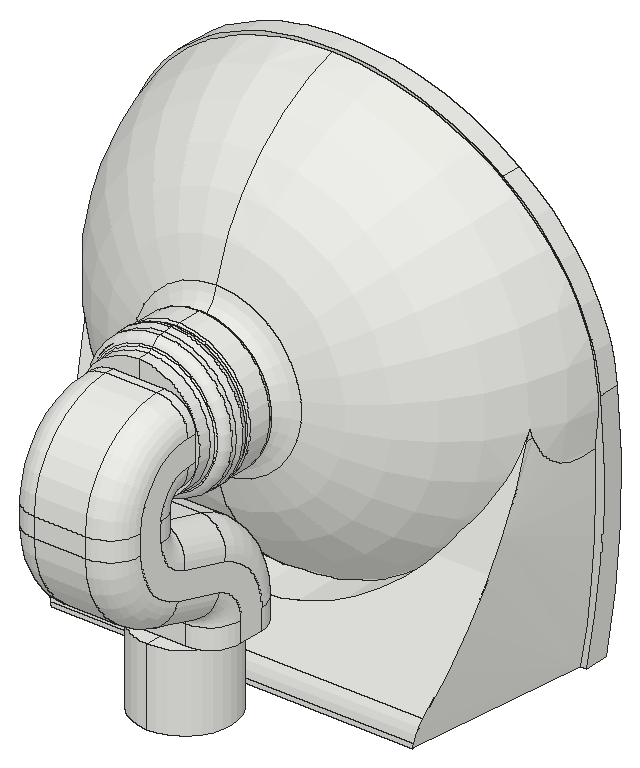
Revit family "PRD_FrankeWS_Snks_DisposalSink_SIRW511", category Plumbing Fixtures, host Face, Revit 2018
Family settings
  Host = Face
  Round Connector Dimension = Use Diameter
  Part Type = Normal
  OmniClass Number = 23.45.05.14.14.27
  OmniClass Title = Service Sinks
  Cut with Voids When Loaded = Yes
  Shared = Yes
  Room Calculation Point = No
Parameters (values of type "SIRW511")
  WasteSize = "DN 100"
  WasteHoleProjection = "270.00 mm"
  WasteHolePosition = "Center"
  WarrantyStartDate [instance] = "1900-12-31T23:59:59"
  WarrantyGuarantorParts = "n/a"
  WarrantyGuarantorLabor = "n/a"
  WarrantyDurationUnit = "year"
  WarrantyDurationParts = "n/a"
  WarrantyDurationLabor = "n/a"
  WarrantyDescription = "n/a"
  Version = "1"
  Uniclass2015Version = "Products v1.17"
  Uniclass2015Title = "Sinks"
  Uniclass2015Code = "Pr_40_20_96_81"
  URL = "www.kwc.com"
  TypeOfMounting = "Wall mounting"
  TapLedge = "No"
  TailorMade = "No"
  TagNumber [instance] = "n/a"
  SustainabilityPerformance = "n/a"
  SumpBasket = "No"
  Sump = "No"
  Splashback = "No"
  Size = "469 x 414 x 498 mm (W x H x D)"
  SinkType = "OTHER"
  Shape = "n/a"
  SerialNumber [instance] = "n/a"
  Revision = "n/a"
  ReplacementCost = "n/a"
  RearUpstand = "No"
  ProductInformation = "https://pim.kwc.com/product/2000101200/attachment/datasheet?locale=en"
  ProductCode = "207.0638.402"
  NominalWidth = 469.00 mm
  NominalHeight = 414.00 mm
  NominalDepth = 498.00 mm
  NetWeight = 23.50 kg
  Name = "Disposal sink SIRW511"
  NBSTypeID = "n/a"
  NBSReference = "45-35-70/344"
  NBSOfficeMasterTag = "n/a"
  NBSNote = "n/a"
  NBSDescription = "Sinks"
  NBSCertification = "n/a"
  MountingOffset = 0.00 mm
  Mounting = "WallHung"
  ModelReference = "SIRW511"
  ModelNumber = "2000101200"
  Model = ModelReference  # "SIRW511"
  MaterialCode = "Miranit"
  Material = "Mineral material"
  ManufacturerURL = "www.kwc.com"
  ManufacturerName = "KWC Group AG"  # constant formula
  Manufacturer = ManufacturerName  # "KWC Group AG"
  IntegralAccessories = "n/a"
  InstallationDate [instance] = "1900-12-31T23:59:59"
  IfcExportType = "SINK"
  IfcExportAs = "IfcSanitaryTerminalType"
  Grid = "Optional"
  BowlWidth = "360.00 mm"
  BowlDepth = "360.00 mm"
  GrossWeight = 24.50 kg
  Grade = "n/a"
  Finish = "Coated"
  Features = "MIRANIT resin-bonded mineral material, alpine white colour. Bowl diameter 360 mm."
  ExpectedLife = "n/a"
  DurationUnit = "year"
  DrainSize = 100.00 mm
  DiameterNominal = 90.00 mm
  Description = "Disposal sink for wall mounting made of MIRANIT resin-bonded mineral material. With pore-free, smooth surface (temperature-resistant up to 80°C). Alpine white colour. Round bowl with integrated circular flushing rim, internal horizontal water connection. Integral back panel with integrated brackets and holes for fixing. Fastening material included. Siphon made of plastic material DN 100 with horizontal outlet. With outlet grating made of nickel-chromium steel to prevent clogging."
  Default Elevation = 925.00 mm
  CreatedOn = "08/2021"  # constant formula
  Constituents = "n/a"
  Color = "alpine white"
  CodePerformance = "n/a"
  Category = "Pr_40_20_96_81, Sinks"
  SinkMaterial = PRD_AR_ResinBondedMaterial_White
  BarCode [instance] = "n/a"
  BIMObjectName = "PRD_AR_Sinks_DisposalSink_SIRW511"
  Author = "Archispace"  # constant formula
  AssetType = "Fixed"
  AssetIdentifier [instance] = "n/a"
  AccessibilityPerformance = "n/a"
Reference planes
  plane 1 "Center (Front/Back)": y = 0
  plane 2: z = 0
  plane 3 "Center (Left/Right)": x = 0
Dimensions and locks
  aligned and locked: plane 2 to host face
  aligned and locked: level to host face
  aligned and locked: level to nested 1
  aligned and locked: plane 3 "Center (Left/Right)" to nested 1
Nested families
  nested 1: "Sink" at (0, 0, 0) x (1, 0, 0) z (0, 1, 0), type "Sink"
Connectors
  piping at (0, 0, 0), diameter 90, driven by "DiameterNominal"
    settings: on nested 1, index 1, connector inside diameter 609.60 mm, connector length 0.00 mm, flow factor 0, pipe flow 0.0 L/s, pressure drop 0.0 Pa, fitting loss kfactor 0, connector angle 0.00°, fixture units 0, engagement length 0.00 mm, angle of deflection 0.00°, flow configuration 0, flow direction 0, fitting loss method 0, system type 8, joint type 0, gender type 0, connector reference index -1, connector utility 0, adjustable connector no, is connector primary yes, connector description "G 1 1/2 B"
Definition of nested family "Sink"
  Parameters (values of type "Sink")
    MaterialSecondary = none
    Material = none
    Default Elevation = 1219.20 mm
  Reference planes
    plane 1 "Center (Front/Back)": y = 0
    plane 2: z = 0
    plane 3 "Center (Left/Right)": x = 0
    plane 4: z = -152.5
    plane 5: x = -231.308
    plane 6: x = -234.441
  Forms (mm)
    Extrusion 1, void
      sketch origin (0, 0, 0) x (0, 1, 0) y (0, 0, 1)
        loop
          line (20.213, 262.645) -> (20.213, 322.645) -> (-539.634, 322.645) -> (-539.634, 192.413)
          arc (-539.634, 192.413) -> (-260.86, 236.695) -> (20.213, 262.645) r 4312.175
        loop
          line (-539.634, 172.273) -> (-539.634, 157.273) -> (20.213, 157.273) -> (20.213, 238.804)
          arc (20.213, 238.804) -> (-261.055, 216.851) -> (-539.634, 172.273) r 3493.28
      from -250 to 250
    Extrusion 2, solid, material <- "Material", detail levels fine
      sketch origin (0, 0, 0) x (1, 0, 0) y (0, 1, 0)
        loop
          arc (234.312, -259.641) -> (225.129, -129.09) -> (203.599, 0) r 1377.581
          line (203.599, 0) -> (-203.599, 0)
          arc (-203.599, 0) -> (-225.129, -129.09) -> (-234.312, -259.641) r 1377.581
          arc (-234.312, -259.641) -> (-215.732, -356.586) -> (-158.902, -437.295) r 234.488
          arc (-158.902, -437.295) -> (0, -499.407) -> (158.902, -437.295) r 234.318
          arc (158.902, -437.295) -> (215.732, -356.586) -> (234.312, -259.641) r 234.488
        loop
          circle (0, -264.48) r 180
      from 160.361 to 287.63
    Extrusion 3, solid, material <- "Material", detail levels fine
      sketch origin (0, 0, 0) x (0, 1, 0) y (0, 0, 1)
        loop
          line (-259.641, 217.019) -> (-259.641, 155.166)
          arc (-259.641, 155.166) -> (-138.141, 119.952) -> (-24.759, 63.858) r 714.306
          arc (-24.759, 63.858) -> (-14.742, 59.492) -> (-3.917, 57.999) r 40
          line (-3.917, 57.999) -> (0, 57.999) -> (0, 237.987)
          arc (0, 237.987) -> (-130.016, 229.924) -> (-259.641, 217.019) r 3493.28
      from -250 to 250
    Extrusion 4, void
      sketch origin (0, 0, 0) x (1, 0, 0) y (0, 1, 0)
        loop
          circle (0, -264.48) r 200
      from 39.709 to 257.397
    Extrusion 5, solid, material <- "Material", detail levels fine
      sketch origin (0, 0, 0) x (1, 0, 0) y (0, 1, 0)
        loop
          circle (0, -264.48) r 180
        loop
          circle (0, -264.48) r 200
      from 110 to 257.361
    Extrusion 6, void
      sketch origin (0, 0, 0) x (0, 1, 0) y (0, 0, 1)
        loop
          line (20.213, 262.645) -> (20.213, 322.645) -> (-539.634, 322.645) -> (-539.634, 192.413)
          arc (-539.634, 192.413) -> (-260.86, 236.695) -> (20.213, 262.645) r 4312.175
        loop
          line (-486.652, 122.642) -> (-486.652, 110) -> (20.213, 110) -> (20.213, 167.714)
          arc (20.213, 167.714) -> (-234.588, 160.572) -> (-486.652, 122.642) r 2102.113
      from -250 to 250
    Revolve 7, solid, material <- "Material", detail levels fine
      sketch origin (0, 0, 0) x (0, 1, 0) y (0, 0, 1)
        loop
          arc (-352.467, 39.709) -> (-332.461, 26.999) -> (-323.636, 5) r 38.647
          line (-323.636, 5) -> (-320.49, -40) -> (-305.045, -40) -> (-308.802, 7.365)
          arc (-308.802, 7.365) -> (-320.991, 39.554) -> (-348.534, 60.196) r 61.665
          arc (-348.534, 60.196) -> (-441.824, 132.594) -> (-478.011, 245) r 200
          line (-478.011, 245) -> (-501.812, 245)
          arc (-501.812, 245) -> (-463.887, 115.621) -> (-352.467, 39.709) r 200
        axis (-270, 245) -> (-270, -40)
      angle from 0 to 360
    Extrusion 8, void
      sketch origin (0, 0, 0) x (0, 1, 0) y (0, 0, 1)
        loop
          line (20.213, 238.804) -> (20.213, 322.645) -> (-539.634, 322.645) -> (-539.634, 172.273)
          arc (-539.634, 172.273) -> (-261.055, 216.851) -> (20.213, 238.804) r 3493.28
      from -250 to 250
    Revolve 9, solid, material <- "Material", detail levels fine
      sketch origin (0, 0, 0) x (0, 1, 0) y (0, 0, 1)
        loop
          line (-270, -56) -> (-270, -44.01) -> (-326.265, -44.01) -> (-329.496, -35.932) -> (-335, -35.932) -> (-335, 5) -> (-329.496, 5) -> (-329.496, 20) -> (-337.5, 20)
          arc (-337.5, 20) -> (-338.914, 19.414) -> (-339.5, 18) r 2
          line (-339.5, 18) -> (-339.5, -6.564)
          arc (-339.5, -6.564) -> (-339.081, -7.788) -> (-338, -8.5) r 2
          line (-338, -8.5) -> (-338, -11.5)
          arc (-338, -11.5) -> (-339.933, -13.59) -> (-340.413, -16.396) r 5
          line (-340.413, -16.396) -> (-339.5, -24) -> (-339.5, -29.202)
          arc (-339.5, -29.202) -> (-337.531, -35.16) -> (-332.4, -38.772) r 10
          arc (-332.4, -38.772) -> (-331.628, -39.213) -> (-331.123, -39.944) r 2
          line (-331.123, -39.944) -> (-329.496, -44.01) -> (-329.496, -56) -> (-270, -56)
        axis (-270, -56) -> (-270, 20)
      angle from 0 to 360
    Revolve 10, solid, material <- "Material", detail levels medium+fine
      sketch origin (0, 0, 0) x (0, 1, 0) y (0, 0, 1)
        loop
          line (-75, 0) -> (0, 0) -> (0, 46) -> (-75, 46) -> (-75, 0)
        axis (0, 0) -> (-75, 0)
      angle from 0 to 360
    Sweep 11, solid, material <- "Material", detail levels fine
      path origin (0, 0, 0) x (0, 1, 0) y (0, 0, 1)
        loop
          line (-270, -56) -> (-270, -65)
          arc (-270, -65) -> (-256.82, -96.82) -> (-225, -110) r 45
          line (-225, -110) -> (-205.547, -110)
          arc (-205.547, -110) -> (-175.48, -99.95) -> (-157.5, -73.84) r 50
          line (-157.5, -73.84) -> (-143.047, -23.66)
          arc (-143.047, -23.66) -> (-125.067, 2.45) -> (-95, 12.5) r 50
          line (-95, 12.5) -> (-75, 12.5)
      profile origin (0, -270, -60.5) x (1, 0, 0) y (0, 1, 0)
        loop
          line (-25, -42.5) -> (25, -42.5)
          arc (25, -42.5) -> (46.213, -33.713) -> (55, -12.5) r 30
          line (55, -12.5) -> (55, 12.5)
          arc (55, 12.5) -> (46.213, 33.713) -> (25, 42.5) r 30
          line (25, 42.5) -> (-25, 42.5)
          arc (-25, 42.5) -> (-46.213, 33.713) -> (-55, 12.5) r 30
          line (-55, 12.5) -> (-55, -12.5)
          arc (-55, -12.5) -> (-46.213, -33.713) -> (-25, -42.5) r 30
    Extrusion 12, solid, material <- "MaterialSecondary", detail levels fine
      sketch origin (0, 0, 0) x (0, 1, 0) y (0, 0, 1)
        loop
          line (-235.88, 10.252) -> (-233.88, 10.252) -> (-233.88, 34.744) -> (-211.643, 62.204)
          arc (-211.643, 62.204) -> (-211.197, 65.974) -> (-214.408, 68) r 3.557
          line (-214.408, 68) -> (-325.592, 68)
          arc (-325.592, 68) -> (-328.803, 65.974) -> (-328.357, 62.204) r 3.557
          line (-328.357, 62.204) -> (-306.12, 34.744) -> (-306.12, 10.252) -> (-304.12, 10.252) -> (-304.12, 35.452) -> (-326.878, 63.556)
          arc (-326.878, 63.556) -> (-327.066, 65.145) -> (-325.712, 66) r 1.5
          line (-325.712, 66) -> (-214.288, 66)
          arc (-214.288, 66) -> (-212.934, 65.145) -> (-213.122, 63.556) r 1.5
          line (-213.122, 63.556) -> (-235.88, 35.452) -> (-235.88, 10.252)
      from -7.5 to 7.5
    SweptBlend 13, void
      path origin (0, 0, 0) x (1, 0, 0) y (0, 0, 1)
        loop
          line (0, 268) -> (0, 33)
      profile origin (0, 0, 268) x (0, -1, 0) y (1, 0, 0)
        loop
          line (0, -200.53) -> (0, -270.445) -> (540, -270.445) -> (540, 270.445) -> (0, 270.445) -> (0, 200.53)
          arc (0, 200.53) -> (129.121, 222.112) -> (259.709, 231.313) r 1374.581
          arc (259.709, 231.313) -> (355.414, 212.971) -> (435.091, 156.868) r 231.488
          arc (435.091, 156.868) -> (496.407, 0) -> (435.091, -156.868) r 231.318
          arc (435.091, -156.868) -> (355.414, -212.971) -> (259.709, -231.313) r 231.488
          arc (259.709, -231.313) -> (129.121, -222.112) -> (0, -200.53) r 1374.581
      end profile origin (0, 0, 33) x (0, -1, 0) y (1, 0, 0)
        loop
          line (0, -174.057) -> (0, -270.445) -> (540, -270.445) -> (540, 270.445) -> (0, 270.445) -> (0, 174.057)
          arc (0, 174.057) -> (111.005, 190.284) -> (222.963, 197.406) r 1374.581
          arc (222.963, 197.406) -> (318.668, 179.063) -> (398.344, 122.96) r 231.488
          arc (398.344, 122.96) -> (446.407, 0) -> (398.344, -122.96) r 181.318
          arc (398.344, -122.96) -> (318.668, -179.063) -> (222.963, -197.406) r 231.488
          arc (222.963, -197.406) -> (111.005, -190.284) -> (0, -174.057) r 1374.581
    Extrusion 14, solid, material <- "Material", detail levels medium
      sketch origin (0, 0, 0) x (1, 0, 0) y (0, 1, 0)
        loop
          arc (234.312, -259.641) -> (225.129, -129.09) -> (203.599, 0) r 1377.581
          line (203.599, 0) -> (-203.599, 0)
          arc (-203.599, 0) -> (-225.129, -129.09) -> (-234.312, -259.641) r 1377.581
          arc (-234.312, -259.641) -> (-215.732, -356.586) -> (-158.902, -437.295) r 234.488
          arc (-158.902, -437.295) -> (0, -499.407) -> (158.902, -437.295) r 234.318
          arc (158.902, -437.295) -> (215.732, -356.586) -> (234.312, -259.641) r 234.488
      from 179.185 to 263.055
    Extrusion 15, solid, material <- "Material", detail levels medium
      sketch origin (0, 0, 0) x (0, 1, 0) y (0, 0, 1)
        loop
          line (-259.641, 217.019) -> (-259.641, 155.166) -> (-20, 57.999) -> (0, 57.999) -> (0, 237.987)
          arc (0, 237.987) -> (-130.016, 229.924) -> (-259.641, 217.019) r 3493.28
      from -231.308 to 231.3
    Revolve 16, solid, material <- "Material", detail levels medium
      sketch origin (0, 0, 0) x (0, 1, 0) y (0, 0, 1)
        loop
          arc (-352.467, 39.709) -> (-332.461, 26.999) -> (-323.636, 5) r 38.647
          line (-323.636, 5) -> (-320.49, -40) -> (-270, -40) -> (-270, 245) -> (-497.38, 245) -> (-497.38, 189.833)
          arc (-497.38, 189.833) -> (-446.053, 94.375) -> (-352.467, 39.709) r 200
        axis (-270, 245) -> (-270, -40)
      angle from 0 to 360
    Revolve 17, solid, material <- "Material", detail levels medium
      sketch origin (0, 0, 0) x (0, 1, 0) y (0, 0, 1)
        loop
          line (-270, -56) -> (-270, 20) -> (-339.5, 20) -> (-339.5, -56) -> (-270, -56)
        axis (-270, -56) -> (-270, 20)
      angle from 0 to 360
    Sweep 18, solid, material <- "Material", detail levels medium
      path origin (0, 0, 0) x (0, 1, 0) y (0, 0, 1)
        loop
          line (-270, -56) -> (-270, -65)
          arc (-270, -65) -> (-256.82, -96.82) -> (-225, -110) r 45
          line (-225, -110) -> (-205.547, -110)
          arc (-205.547, -110) -> (-175.48, -99.95) -> (-157.5, -73.84) r 50
          line (-157.5, -73.84) -> (-143.047, -23.66)
          arc (-143.047, -23.66) -> (-125.067, 2.45) -> (-95, 12.5) r 50
          line (-95, 12.5) -> (-75, 12.5)
      profile origin (0, -270, -60.5) x (1, 0, 0) y (0, 1, 0)
        loop
          line (-55, -42.5) -> (55, -42.5) -> (55, 42.5) -> (-55, 42.5) -> (-55, -42.5)
    Extrusion 19, solid, material <- "Material", detail levels coarse
      sketch origin (0, 0, 0) x (1, 0, 0) y (0, 1, 0)
        loop
          line (-234.441, 0) -> (-234.441, -268.391)
          arc (-234.441, -268.391) -> (-0.021, -502.811) -> (234.4, -268.391) r 234.421
          line (234.4, -268.391) -> (234.4, 0) -> (-234.441, 0)
      from -152.5 to 263.055
  Cuts and joins
    Extrusion 1 cuts Extrusion 2
    Extrusion 4, SweptBlend 13 cuts Extrusion 3
    Extrusion 6 cuts Extrusion 5
    Extrusion 8 cuts Revolve 7
    joined: Extrusion 2, Extrusion 3, Extrusion 5, Revolve 7
    joined: Extrusion 14, Extrusion 15, Revolve 16
  Dimensions and locks
    aligned and locked: level to plane 2
